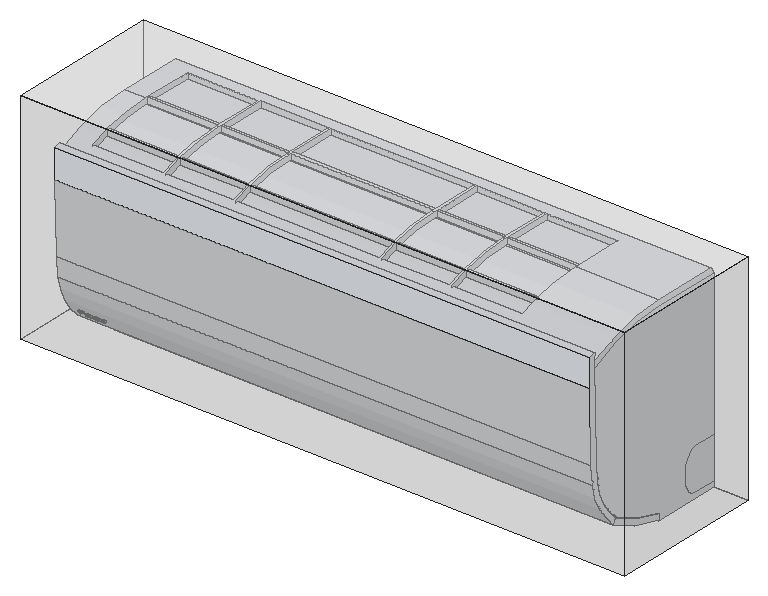
Revit family "outputfile", category 機械設備, Revit 2024
Family settings
  丸型コネクタ寸法 = 半径を使用
  パーツ タイプ = 標準
  OmniClass 番号 = 23.75.10.24.21.27.27
  OmniClass タイトル = Split System Air Conditioning Units
  作業面ベース = いいえ
  常に垂直 = はい
  ロード時にボイドで切り取り = いいえ
  注釈の向きを維持 = いいえ
  共有 = いいえ
  部屋計算ポイント = いいえ
Parameters (values of type "FTKQ25TVM")
  Description = ""
  書き出し IFC クラス(タイプ) = "IfcUnitaryEquipmentType"
  定義済み IFC タイプ(タイプ) = "AIRCONDITIONINGUNIT"
  Cost = 0
  Type Comments = ""
  Keynote = ""
  Type Image = (empty or 0)
  Assembly Code = ""
  w_wall hole = if(Width = 770.0 mm, 48.0 mm, 60.0 mm)  # 48.0 mm
  製造元 = "Daikin"
  モデル = "FTKQ25TVM"
  switch_frequency = yes
  r_Liquid Pipe Size = Liquid Pipe Size / 2  # 3.2 mm
  r_Gas Pipe Size = Gas Pipe Size / 2  # 4.75 mm
  r_Drain Pipe Size = Drain Pipe Size / 2  # 8.0 mm
  lw_powersupply [instance] = if(Width = 770.0 mm, if(or(Rear Right Connection_refrigerant, Bottom Right Connection_refrigerant), 25.0 mm, if(or(Rear Left Connection_refrigerant, Bottom Left Connection_refrigerant), 745.0 mm, 400.0 mm)), if(Width = 990.0 mm, if(or(Rear Right Connection_refrigerant, Bottom Right Connection_refrigerant), 40.0 mm, if(or(Rear Left Connection_refrigerant, Bottom Left Connection_refrigerant), 920.0 mm, 400.0 mm)), if(or(Rear Right Connection_refrigerant, Bottom Right Connection_refrigerant), 40.0 mm, if(or(Rear Left Connection_refrigerant, Bottom Left Connection_refrigerant), 920.0 mm, 400.0 mm))))  # 400.0 mm
  lw_liquidpipe [instance] = if(Width = 770.0 mm, if(or(Rear Right Connection_refrigerant, Bottom Right Connection_refrigerant), 0.0 mm, if(or(Rear Left Connection_refrigerant, Bottom Left Connection_refrigerant), 664.0 mm, 385.0 mm)), if(Width = 990.0 mm, if(or(Rear Right Connection_refrigerant, Bottom Right Connection_refrigerant), 0.0 mm, if(or(Rear Left Connection_refrigerant, Bottom Left Connection_refrigerant), 664.0 mm + (990.0 mm - 770.0 mm), 475.0 mm)), if(or(Rear Right Connection_refrigerant, Bottom Right Connection_refrigerant), 0.0 mm, if(or(Rear Left Connection_refrigerant, Bottom Left Connection_refrigerant), 664.0 mm + (990.0 mm - 770.0 mm), 475.0 mm))))  # 385.0 mm
  lw_gaspipe [instance] = if(Width = 770.0 mm, if(or(Rear Right Connection_refrigerant, Bottom Right Connection_refrigerant), 0.0 mm, if(or(Rear Left Connection_refrigerant, Bottom Left Connection_refrigerant), 675.0 mm, if(Gas Pipe Size = 12.7 mm, 345.0 mm, 335.0 mm))), if(Width = 990.0 mm, if(or(Rear Right Connection_refrigerant, Bottom Right Connection_refrigerant), 10.0 mm, if(or(Rear Left Connection_refrigerant, Bottom Left Connection_refrigerant), 890.0 mm, if(Gas Pipe Size = 15.9 mm, 410.0 mm, 400.0 mm))), if(or(Rear Right Connection_refrigerant, Bottom Right Connection_refrigerant), 10.0 mm, if(or(Rear Left Connection_refrigerant, Bottom Left Connection_refrigerant), 890.0 mm, if(Gas Pipe Size = 15.9 mm, 410.0 mm, 400.0 mm)))))  # 335.0 mm
  lw_drainpipe [instance] = if(Width = 770.0 mm, if(or(Rear Right Connection_refrigerant, Bottom Right Connection_refrigerant), 0.0 mm, if(or(Rear Left Connection_refrigerant, Bottom Left Connection_refrigerant), 770.0 mm - 48.0 mm - 48.0 mm, 440.0 mm)), if(Width = 990.0 mm, if(or(Rear Right Connection_refrigerant, Bottom Right Connection_refrigerant), 0.0 mm, if(or(Rear Left Connection_refrigerant, Bottom Left Connection_refrigerant), 675.0 mm + (990.0 mm - 770.0 mm), 435.0 mm)), if(or(Rear Right Connection_refrigerant, Bottom Right Connection_refrigerant), 0.0 mm, if(or(Rear Left Connection_refrigerant, Bottom Left Connection_refrigerant), 675.0 mm + (990.0 mm - 770.0 mm), 435.0 mm))))  # 440.0 mm
  l_powersupply_length [instance] = if(Width = 770.0 mm, if(Right Connection_refrigerant, 400.0 mm, if(Left Connection_refrigerant, 770.0 mm - 400.0 mm, if(or(Rear Left Connection_refrigerant, Rear Right Connection_refrigerant), 15.0 mm, 40.0 mm))), if(Width = 990.0 mm, if(Right Connection_refrigerant, 400.0 mm, if(Left Connection_refrigerant, 990.0 mm - 400.0 mm, if(or(Rear Left Connection_refrigerant, Rear Right Connection_refrigerant), 15.0 mm, 40.0 mm))), if(Right Connection_refrigerant, 400.0 mm, if(Left Connection_refrigerant, 990.0 mm - 400.0 mm, if(or(Rear Left Connection_refrigerant, Rear Right Connection_refrigerant), 15.0 mm, 40.0 mm)))))  # 400.0 mm
  l_liquidpipe_length [instance] = if(Width = 770.0 mm, if(Right Connection_refrigerant, 433.0 mm, if(Left Connection_refrigerant, 337.0 mm, if(or(Rear Left Connection_refrigerant, Rear Right Connection_refrigerant), 30.0 mm, 50.0 mm))), if(Width = 990.0 mm, if(Right Connection_refrigerant, 535.0 mm, if(Left Connection_refrigerant, 455.0 mm, if(or(Rear Left Connection_refrigerant, Rear Right Connection_refrigerant), 30.0 mm, 50.0 mm))), if(Right Connection_refrigerant, 535.0 mm, if(Left Connection_refrigerant, 455.0 mm, if(or(Rear Left Connection_refrigerant, Rear Right Connection_refrigerant), 30.0 mm, 50.0 mm)))))  # 433.0 mm
  l_gaspipe_length [instance] = if(Width = 770.0 mm, if(Right Connection_refrigerant, if(Gas Pipe Size = 12.7 mm, 393.0 mm, 383.0 mm), if(Left Connection_refrigerant, if(Gas Pipe Size = 12.7 mm, 770.0 mm - 393.0 mm, 770.0 mm - 383.0 mm), if(or(Rear Left Connection_refrigerant, Rear Right Connection_refrigerant), 40.0 mm, 40.0 mm))), if(Width = 990.0 mm, if(Right Connection_refrigerant, if(Gas Pipe Size = 15.9 mm, 470.0 mm, 460.0 mm), if(Left Connection_refrigerant, if(Gas Pipe Size = 15.9 mm, 990.0 mm - 470.0 mm, 990.0 mm - 460.0 mm), if(or(Rear Left Connection_refrigerant, Rear Right Connection_refrigerant), 40.0 mm, 40.0 mm))), if(Right Connection_refrigerant, if(Gas Pipe Size = 15.9 mm, 460.0 mm, 460.0 mm), if(Left Connection_refrigerant, if(Gas Pipe Size = 15.9 mm, 990.0 mm - 460.0 mm, 990.0 mm - 460.0 mm), if(or(Rear Left Connection_refrigerant, Rear Right Connection_refrigerant), 40.0 mm, 40.0 mm)))))  # 383.0 mm
  l_drainpipe_length [instance] = if(Width = 770.0 mm, if(Right Connection_refrigerant, 488.0 mm, if(Left Connection_refrigerant, 282.0 mm, if(or(Rear Left Connection_refrigerant, Rear Right Connection_refrigerant), 15.0 mm, 20.0 mm))), if(Width = 990.0 mm, if(Right Connection_refrigerant, 495.0 mm, if(Left Connection_refrigerant, 495.0 mm, if(or(Rear Left Connection_refrigerant, Rear Right Connection_refrigerant), 15.0 mm, 20.0 mm))), if(Right Connection_refrigerant, 495.0 mm, if(Left Connection_refrigerant, 495.0 mm, if(or(Rear Left Connection_refrigerant, Rear Right Connection_refrigerant), 15.0 mm, 20.0 mm)))))  # 488.0 mm
  h*** = 0.0 mm  # constant formula
  connector_voltage = Voltage_50Hz  # 230 V
  connector_powerinput = [Power Input (Cooling)]  # 0.810 kW
  connector_phase = Phase_50Hz  # 1
  angle_vertical [instance] = if(or(Bottom Left Connection_refrigerant, Bottom Right Connection_refrigerant), 0.00°, 90.00°)  # 90.00°
  angle_horizontal [instance] = if(Right Connection_refrigerant, 90.00°, if(Left Connection_refrigerant, -90.00°, if(or(Rear Left Connection_refrigerant, Rear Right Connection_refrigerant), 180.00°, 0.00°)))  # 90.00°
  Width = 770.0 mm
  Voltage_comment_60Hz = "220-230"
  Voltage_comment_50Hz = "220 - 240"
  Voltage_60Hz = 220 V
  Voltage_50Hz = 230 V
  Version = "ver.1.0"
  Unit Type = "Wall Mounted"
  Unit Mass Weight = 8.00 kg
  Unit Designation [instance] = ""
  Uniclass2015Version = "Products v1.30"
  Uniclass2015Title = "Split coil room air conditioning units"
  Uniclass2015Code = "Pr_70_65_03_86"
  URL = ""
  Total Cooling Capacity [instance] = 0.000 kW
  Sound Pressure Level_M speed (dBA) = 32
  Sound Pressure Level_L speed (dBA) = 27
  Sound Pressure Level_H speed (dBA) = 36
  Sound Power Level_H speed (dB) = 0
  Series = "Single Split_Fan Coil Unit"
  Sensible Cooling Capacity [instance] = 0.000 kW
  Refrigerant Type = "R32"
  Power Input (Cooling) = 0.810 kW
  Phase_60Hz = 1
  Phase_50Hz = 1
  Option Accessory 3 [instance] = ""
  Option Accessory 2 [instance] = ""
  Option Accessory 1 [instance] = ""
  Nominal Cooling Capacity = 2.650 kW
  Minimum Circuit Amps_60Hz = 0.0 A
  Minimum Circuit Amps_50Hz = 0.0 A
  Minimum Airflow = 390.00 m³/h
  Median Airflow = 474.00 m³/h
  Maximum Fuse Amps_60Hz = 0.0 A
  Maximum Fuse Amps_50Hz = 0.0 A
  Maximum Airflow = 564.00 m³/h
  Material_Casing = DAIKIN_ShinyWhite_Casing_indoorunit
  Load Classification = HVAC
  Liquid Pipe Size = 6.4 mm
  Link_Nested Family [instance] = ""
  IfcVersion = ""
  IfcExportType = "AIRCONDITIONINGUNIT"
  IfcExportAs = "IfcUnitaryEquipmentType"
  Height = 285.0 mm
  Heat Exchanger Type = "Cross Fin Coil"
  Gas Pipe Size = 9.5 mm
  Frequency_60Hz = 60 Hz
  Frequency_50Hz = 50 Hz
  Fan Type = "Cross Flow Fan"
  Fan Drive = "-"
  FCU Tag No. [instance] = ""
  Drain Pipe Size = 16.0 mm
  Design Supply Airflow [instance] = 0.00 m³/h
  Depth = 223.0 mm
  既定の高さ = 0.0 mm
  Cooling Entering Wet Bulb Temperature [instance] = 0.00 °C
  Cooling Entering Dry Bulb Temperature [instance] = 0.00 °C
  Cooling Ambient Wet Bulb Temperature [instance] = 0.00 °C
  Cooling Ambient Dry Bulb Temperature [instance] = 0.00 °C
  Clearance visibility [instance] = yes
  Clearance Top = 30.0 mm
  Clearance Right = 50.0 mm
  Clearance Rear = 0.0 mm
  Clearance Left = 50.0 mm
  Clearance Front = 0.0 mm
  Clearance Bottom = 0.0 mm
  Bottom Right Connection_refrigerant [instance] = no
  Bottom Left Connection_refrigerant [instance] = no
  Rear Right Connection_refrigerant [instance] = no
  Rear Left Connection_refrigerant [instance] = no
  Right Connection_refrigerant [instance] = yes
  Left Connection_refrigerant [instance] = no
Reference planes
  plane 1 "Back": y = 0
  plane 2: z = 0
  plane 3 "Center (Left/Right)": x = 0
  plane 4 "Center (Front/Back)": y = -111.5
  plane 5 "Front": y = -223
  plane 6 "Left": x = -385
  plane 7 "Right": x = 385
  plane 8 "Top": z = 0
  plane 9 "Bottom": z = -285
  plane 10: x = -435
  plane 11: x = 435
  plane 12: y = 0
  plane 13: y = -223
  plane 14: z = 30
  plane 15: z = -285
  plane 16 "lw_Piping and Wiring intake": x = 337
  plane 17 "lw_gaspipe": x = 2
  plane 18 "lw_liquidpipe": x = -48
  plane 19 "lw_drainpipe": x = -103
  plane 20 "lh_drainpipe": z = -265
  plane 21 "lh_liquidpipe": z = -235
  plane 22 "lh_gaspipe": z = -245
  plane 23 "ld_drainpipe": y = -15
  plane 24 "ld_liquidpipe": y = -30
  plane 25 "ld_gaspipe": y = -40
  plane 26 "lw_powersupply": x = -15
Dimensions and locks
  equal spacing: plane 6 "Left", plane 3 "Center (Left/Right)", plane 7 "Right"
  "Width": plane 6 "Left" to plane 7 "Right"
  equal spacing: plane 5 "Front", plane 4 "Center (Front/Back)", plane 1 "Back"
  "Depth": plane 5 "Front" to plane 1 "Back"
  "Height": plane 8 "Top" to plane 9 "Bottom"
  "Clearance Rear": plane 12 to plane 1 "Back"
  "Clearance Front": plane 13 to plane 5 "Front"
  "Clearance Top": plane 14 to plane 8 "Top"
  "Clearance Bottom": plane 9 "Bottom" to plane 15
  "w_wall hole": plane 16 "lw_Piping and Wiring intake" to plane 7 "Right"
  "lw_gaspipe": plane 17 "lw_gaspipe" to plane 16 "lw_Piping and Wiring intake"
  "lw_liquidpipe": plane 18 "lw_liquidpipe" to plane 16 "lw_Piping and Wiring intake"
  "lw_drainpipe": plane 19 "lw_drainpipe" to plane 16 "lw_Piping and Wiring intake"
  locked: plane 20 "lh_drainpipe" to plane 9 "Bottom" at 20
  locked: plane 21 "lh_liquidpipe" to plane 9 "Bottom" at 50
  locked: plane 22 "lh_gaspipe" to plane 9 "Bottom" at 40
  locked: plane 23 "ld_drainpipe" to plane 1 "Back" at 15
  locked: plane 1 "Back" to plane 24 "ld_liquidpipe" at 30
  locked: plane 1 "Back" to plane 25 "ld_gaspipe" at 40
  "lw_powersupply": plane 26 "lw_powersupply" to plane 7 "Right"
  "Clearance Left": plane 10 to plane 6 "Left"
  "Clearance Right": plane 7 "Right" to plane 11
  aligned and locked: level to plane 2
  aligned and locked: plane 12 to nested 1
  aligned and locked: nested 1 to plane 13
  aligned and locked: plane 10 to nested 1
  aligned and locked: plane 11 to nested 1
  aligned and locked: plane 15 to nested 1
  aligned and locked: plane 14 to nested 1
  aligned and locked: plane 17 "lw_gaspipe" to nested 2
  aligned and locked: nested 2 to plane 25 "ld_gaspipe"
  aligned and locked: plane 18 "lw_liquidpipe" to nested 3
  aligned and locked: nested 3 to plane 24 "ld_liquidpipe"
  aligned and locked: plane 19 "lw_drainpipe" to nested 4
  aligned and locked: nested 4 to plane 23 "ld_drainpipe"
  aligned and locked: nested 5 to plane 23 "ld_drainpipe"
  aligned and locked: plane 26 "lw_powersupply" to nested 5
  aligned and locked: level to plane 8 "Top"
  aligned and locked: plane 3 "Center (Left/Right)" to nested 6
  aligned and locked: plane 1 "Back" to nested 6
  aligned and locked: plane 8 "Top" to nested 6
Nested families
  nested 1: "daikin_clearancespace" at (0, -111.5, -127.381), show <- "Clearance visibility", visible <- "Clearance visibility", Link_Nested Family <- "Link_Nested Family", type "daikin_clearancespace"
    with width 870.0 mm, show yes, height 315.0 mm, depth 223.0 mm, Link_Nested Family ""
  nested 2: "daikin_connector_rotate3" at (2, -40, -245), angle_vertical <- "angle_vertical", angle_horizontal <- "angle_horizontal", length <- "l_gaspipe_length", radius <- "r_Gas Pipe Size", type "daikin_connector_rotate3"
    with show no, radius 4.75 mm, length 383.0 mm, angle_vertical 90.00°, angle_horizontal 90.00°
  nested 3: "daikin_connector_rotate3" at (-48, -30, -235), angle_vertical <- "angle_vertical", angle_horizontal <- "angle_horizontal", radius <- "r_Liquid Pipe Size", length <- "l_liquidpipe_length", type "daikin_connector_rotate3"
    with show no, radius 3.2 mm, length 433.0 mm, angle_vertical 90.00°, angle_horizontal 90.00°
  nested 4: "daikin_connector_rotate3" at (-103, -15, -265), angle_vertical <- "angle_vertical", angle_horizontal <- "angle_horizontal", length <- "l_drainpipe_length", radius <- "r_Drain Pipe Size", type "daikin_connector_rotate3"
    with show no, radius 8.0 mm, length 488.0 mm, angle_vertical 90.00°, angle_horizontal 90.00°
  nested 5: "daikin_connector_rotate3" at (-15, -15, -245), angle_vertical <- "angle_vertical", angle_horizontal <- "angle_horizontal", length <- "l_powersupply_length", type "daikin_connector_rotate3"
    with show no, radius 10.0 mm, length 400.0 mm, angle_vertical 90.00°, angle_horizontal 90.00°
  nested 6: "DAIKIN_indoorunit_FTKQ-TVM" at (-31, 0, 0), type "FTKQ-TVM"
    with Width=990 no, Width=770 yes, Width 770.0 mm, WALL HOLE-R 48.0 mm, WALL HOLE Size 65.0 mm, Height 285.0 mm
Connectors
  piping at (385, -40, -245), diameter 9.5, driven by "r_Gas Pipe Size"
    settings: on nested 2, index 1, connector inside diameter 609.6 mm, connector length 0.0 mm, flow factor 0, pipe flow 0.00 m³/h, pressure drop 0.0 Pa, fitting loss kfactor 0, connector angle 0.00°, fixture units 0, engagement length 0.0 mm, angle of deflection 0.00°, flow configuration 1, flow direction 2, fitting loss method 0, system type 29, joint type 0, gender type 0, connector reference index -1, connector utility 0, adjustable connector no, is connector primary yes, connector description "Refrigerant Gas Piping"
  piping at (385, -30, -235), diameter 6.4, driven by "r_Liquid Pipe Size"
    settings: on nested 3, index 2, connector inside diameter 609.6 mm, connector length 0.0 mm, flow factor 0, pipe flow 0.00 m³/h, pressure drop 0.0 Pa, fitting loss kfactor 0, connector angle 0.00°, fixture units 0, engagement length 0.0 mm, angle of deflection 0.00°, flow configuration 1, flow direction 1, fitting loss method 0, system type 29, joint type 0, gender type 0, connector reference index -1, connector utility 0, adjustable connector no, is connector primary no, connector description "Refrigerant Liquid Piping"
  piping at (385, -15, -265), diameter 16, driven by "r_Drain Pipe Size"
    settings: on nested 4, index 3, connector inside diameter 609.6 mm, connector length 0.0 mm, flow factor 0, pipe flow 0.00 m³/h, pressure drop 0.0 Pa, fitting loss kfactor 0, connector angle 0.00°, fixture units 0, engagement length 0.0 mm, angle of deflection 0.00°, flow configuration 1, flow direction 2, fitting loss method 4, system type 16, joint type 0, gender type 0, connector reference index -1, connector utility 0, adjustable connector no, is connector primary no, connector description "Condensate Drain Piping"
  electrical at (385, -15, -245), driven by "Load Classification", driven by "connector_voltage", driven by "connector_phase", driven by "connector_powerinput"
    settings: on nested 5, index 4, voltage 230 V, apparent load 810 VA, apparent load phase1 0 VA, apparent load phase2 0 VA, apparent load phase3 0 VA, power factor 1, load classification "HVAC", number of poles 1, system type 30, power factor state 1, is connector primary yes, connector utility no, sub classification motor no, connector description "Power Supply"
Definition of nested family "daikin_clearancespace"
  Parameters (values of type "daikin_clearancespace")
    Description = "daikin_clearancespace"
    width [instance] = 1823.963 mm
    show [instance] = yes
    material = none
    height [instance] = 1359.762 mm
    depth [instance] = 880.0 mm
    Default Elevation = 0.0 mm
    Link_Nested Family [instance] = ""
  Reference planes
    plane 1 "Center (Front/Back)": y = 0
    plane 2 "Center (Elevation)": z = -0.119
    plane 3 "Center (Left/Right)": x = 0
    plane 4: y = 440
    plane 5: y = -440
    plane 6 "Right": x = 911.982
    plane 7 "Left": x = -911.982
    plane 8 "Top": z = 679.762
    plane 9 "Bottom": z = -680
  Forms (mm)
    Extrusion 1, solid, material <- "material", visible <- "show"
      sketch origin (0, 0, 0) x (1, 0, 0) y (0, 1, 0)
        loop
          line (-911.982, 440) -> (-911.982, -440) -> (911.982, -440) -> (911.982, 440) -> (-911.982, 440)
      from -680 to 679.762
  Lines and regions (mm)
    symbolic lines, visible <- "show"
      curve 1: line (911.982, 440, 0) -> (-911.982, 440, 0)
      curve 2: line (-911.982, 440, 0) -> (-911.982, -440, 0)
      curve 3: line (-911.982, -440, 0) -> (911.982, -440, 0)
      curve 4: line (911.982, -440, 0) -> (911.982, 440, 0)
      curve 5: line (911.982, 0, 679.762) -> (-911.982, 0, 679.762)
      curve 6: line (911.982, 0, -680) -> (911.982, 0, 679.762)
      curve 7: line (-911.982, 0, -680) -> (911.982, 0, -680)
      curve 8: line (-911.982, 0, 679.762) -> (-911.982, 0, -680)
      curve 9: line (0, 440, 679.762) -> (0, -440, 679.762)
      curve 10: line (0, -440, 679.762) -> (0, -440, -680)
      curve 11: line (0, 440, -680) -> (0, 440, 679.762)
      curve 12: line (0, -440, -680) -> (0, 440, -680)
  Dimensions and locks
    "width": plane 7 "Left" to plane 6 "Right"
    "depth": plane 4 to plane 5
    "height": plane 8 "Top" to plane 9 "Bottom"
    equal spacing: plane 7 "Left", plane 3 "Center (Left/Right)", plane 6 "Right"
    equal spacing: plane 4, plane 1 "Center (Front/Back)", plane 5
    equal spacing: plane 8 "Top", plane 2 "Center (Elevation)", plane 9 "Bottom"
    aligned and locked: level to plane 2 "Center (Elevation)"
    aligned and locked: Extrusion 1 sketch curve to plane 4
    aligned and locked: plane 7 "Left" to Extrusion 1 sketch curve
    aligned and locked: Extrusion 1 sketch curve to plane 5
    aligned and locked: Extrusion 1 sketch curve to plane 6 "Right"
    aligned and locked: plane 8 "Top" to Extrusion 1
    aligned and locked: curve 1 to Extrusion 1
    aligned and locked: curve 2 to Extrusion 1
    aligned and locked: curve 3 to Extrusion 1
    aligned and locked: curve 4 to Extrusion 1
    aligned and locked: curve 5 to Extrusion 1
    aligned and locked: curve 6 to Extrusion 1
    aligned and locked: curve 7 to Extrusion 1
    aligned and locked: curve 8 to Extrusion 1
    aligned and locked: curve 9 to Extrusion 1
    aligned and locked: curve 10 to Extrusion 1
    aligned and locked: curve 11 to Extrusion 1
    aligned and locked: curve 12 to Extrusion 1
    aligned and locked: Extrusion 1 to plane 9 "Bottom"
Definition of nested family "DAIKIN_indoorunit_FTKQ-TVM"
  Parameters (values of type "FTKF-TVMA")
    Width=990 = Width = 990.0 mm  # yes
    Width=770 = Width = 770.0 mm  # no
    Width = 990.0 mm
    WALL HOLE-R = if(Width = 770.0 mm, 48.0 mm, 60.0 mm)  # 60.0 mm
    WALL HOLE Size = if(Width = 770.0 mm, 65.0 mm, 80.0 mm)  # 80.0 mm
    Material_Casing = none
    Height = if(Width = 770.0 mm, 285.0 mm, 295.0 mm)  # 295.0 mm
    Default Elevation = 0.0 mm
  Reference planes
    plane 1 "Center (Front/Back)": y = 0
    plane 2 "reference_level": z = 0
    plane 3 "Center (Left/Right)": x = 31
    plane 4: x = -464
    plane 5: x = 526
    plane 6: z = -295
  Forms (mm)
    Extrusion 1, solid, material <- "Material_Casing", visible <- "Width=770"
      sketch origin (29, 0, 0) x (0, 1, 0) y (0, 0, 1)
        loop
          line (-5, 0) -> (-98, 0)
          arc (-98, 0) -> (-157.611, -7.211) -> (-213.783, -28.427) r 250
          arc (-213.783, -28.427) -> (-213.842, -32.972) -> (-213.892, -37.516) r 2191
          arc (-213.892, -37.516) -> (-157.832, -15.495) -> (-98.07, -8) r 242
          line (-98.07, -8) -> (0, -8) -> (-5, 0)
      from -383 to 387
    Extrusion 2, solid, material <- "Material_Casing", visible <- "Width=770"
      sketch origin (416, 1296.25, 1200) x (0, 1, 0) y (0, 0, 1)
        loop
          line (-1472.998, -1446.91) -> (-1476.998, -1453.839)
          arc (-1476.998, -1453.839) -> (-1437.481, -1472.422) -> (-1395.25, -1483.538) r 240
          line (-1395.25, -1483.538) -> (-1395.25, -1475.422)
          arc (-1395.25, -1475.422) -> (-1435.407, -1464.663) -> (-1472.998, -1446.91) r 232
      from 0 to -47.5
    Extrusion 3, solid, material <- "Material_Casing", visible <- "Width=770"
      sketch origin (29, 0, 0) x (0, 1, 0) y (0, 0, 1)
        loop
          arc (-223, -60.455) -> (-222.414, -110.646) -> (-220.656, -160.81) r 2149.92
          arc (-220.656, -160.81) -> (-219.65, -174.299) -> (-217.853, -187.706) r 229.911
          arc (-217.853, -187.706) -> (-205.371, -223.594) -> (-181.517, -253.17) r 111
          line (-181.517, -253.17) -> (-177.429, -246.093)
          arc (-177.429, -246.093) -> (-198.77, -218.989) -> (-209.965, -186.36) r 103
          arc (-209.965, -186.36) -> (-211.681, -173.586) -> (-212.651, -160.735) r 221.844
          arc (-212.651, -160.735) -> (-214.739, -93.233) -> (-214.74, -25.699) r 2186.828
          arc (-214.74, -25.699) -> (-214.671, -21.467) -> (-214.594, -17.235) r 2192
          line (-214.594, -17.235) -> (-223, -19.961) -> (-223, -60.455)
      from -383 to 387
    Extrusion 4, solid, material <- "Material_Casing", visible <- "Width=770"
      sketch origin (29, 0, -20) x (0, 1, 0) y (0, 0, 1)
        loop
          line (0, -265) -> (0, 12) -> (-98.07, 12)
          arc (-98.07, 12) -> (-157.832, 4.505) -> (-213.892, -17.516) r 242
          arc (-213.892, -17.516) -> (-213.638, -79.114) -> (-211.653, -140.681) r 2191
          arc (-211.653, -140.681) -> (-210.685, -153.501) -> (-208.973, -166.243) r 221
          arc (-208.973, -166.243) -> (-197.471, -199.282) -> (-175.482, -226.491) r 102
          arc (-175.482, -226.491) -> (-138.004, -244.019) -> (-98, -254.579) r 231
          line (-98, -254.579) -> (-98, -265) -> (0, -265)
      from -383 to 387
    Extrusion 5, solid, material <- "Material_Casing", visible <- "Width=770"
      sketch origin (-354, 1296.25, 1200) x (0, 1, 0) y (0, 0, 1)
        loop
          line (-1472.998, -1446.91) -> (-1476.998, -1453.839)
          arc (-1476.998, -1453.839) -> (-1437.481, -1472.422) -> (-1395.25, -1483.538) r 240
          line (-1395.25, -1483.538) -> (-1395.25, -1475.422)
          arc (-1395.25, -1475.422) -> (-1435.407, -1464.663) -> (-1472.998, -1446.91) r 232
      from 47 to 0
    Extrusion 6, solid, material <- "Material_Casing", visible <- "Width=770"
      sketch origin (416, 1296.25, 1200) x (0, 1, 0) y (0, 0, 1)
        loop
          line (-1472.998, -1446.91) -> (-1476.998, -1453.839)
          arc (-1476.998, -1453.839) -> (-1443.437, -1470.168) -> (-1407.75, -1481.097) r 240
          line (-1407.75, -1481.097) -> (-1407.75, -1472.894)
          arc (-1407.75, -1472.894) -> (-1441.363, -1462.385) -> (-1472.998, -1446.91) r 232
      from -116.993 to -48.493
    Extrusion 7, solid, material <- "Material_Casing", visible <- "Width=770"
      sketch origin (416, 1296.25, 1200) x (0, 1, 0) y (0, 0, 1)
        loop
          line (-1472.998, -1446.91) -> (-1476.998, -1453.839)
          arc (-1476.998, -1453.839) -> (-1443.437, -1470.168) -> (-1407.75, -1481.097) r 240
          line (-1407.75, -1481.097) -> (-1407.75, -1472.894)
          arc (-1407.75, -1472.894) -> (-1441.363, -1462.385) -> (-1472.998, -1446.91) r 232
      from -717 to -121.993
    Extrusion 8, void
      sketch origin (31, 0, -235) x (1, 0, 0) y (0, 1, 0)
        loop
          line (-252.674, -22.316) -> (-354.941, -22.316) -> (-354.941, -91.341) -> (-252.674, -91.341) -> (-252.674, -22.316)
        loop
          line (-249.341, -91.341) -> (-151.574, -91.341) -> (-151.574, -22.316) -> (-249.341, -22.316) -> (-249.341, -91.341)
        loop
          line (58.309, -22.316) -> (-148.309, -22.316) -> (-148.309, -91.341) -> (58.309, -91.341) -> (58.309, -22.316)
        loop
          line (61.689, -22.316) -> (61.689, -91.341) -> (159.457, -91.341) -> (159.457, -22.316) -> (61.689, -22.316)
        loop
          line (162.789, -22.316) -> (162.789, -91.341) -> (265.057, -91.341) -> (265.057, -22.316) -> (162.789, -22.316)
        loop
          line (-354.941, -94.659) -> (-354.941, -165.259) -> (-252.674, -165.259) -> (-252.674, -94.659) -> (-354.941, -94.659)
        loop
          line (-249.341, -94.659) -> (-249.341, -165.259) -> (-151.574, -165.259) -> (-151.574, -94.659) -> (-249.341, -94.659)
        loop
          line (-148.309, -94.659) -> (-148.309, -165.259) -> (58.309, -165.259) -> (58.309, -94.659) -> (-148.309, -94.659)
        loop
          line (61.689, -94.659) -> (61.689, -165.259) -> (159.457, -165.259) -> (159.457, -94.659) -> (61.689, -94.659)
        loop
          line (162.789, -94.659) -> (162.789, -165.259) -> (265.057, -165.259) -> (265.057, -94.659) -> (162.789, -94.659)
        loop
          line (-354.941, -167.382) -> (-354.941, -192.681) -> (-252.674, -192.681) -> (-252.674, -167.382) -> (-354.941, -167.382)
        loop
          line (-249.341, -167.382) -> (-249.341, -192.681) -> (-151.574, -192.681) -> (-151.574, -167.382) -> (-249.341, -167.382)
        loop
          line (-148.309, -167.382) -> (-148.309, -192.681) -> (58.309, -192.681) -> (58.309, -167.382) -> (-148.309, -167.382)
        loop
          line (159.457, -167.382) -> (61.689, -167.382) -> (61.689, -192.681) -> (159.457, -192.681) -> (159.457, -167.382)
        loop
          line (265.057, -167.382) -> (162.789, -167.382) -> (162.789, -192.681) -> (265.057, -192.681) -> (265.057, -167.382)
      from 201.638 to 250
    Extrusion 9, solid, material <- "Material_Casing"
      sketch origin (31, 0, 0) x (1, 0, 0) y (0, 0, 1)
        loop
          circle (435, -250.5) r 40
        loop
          circle (-447, -250.5) r 40
      from 0 to 5
    Extrusion 10, solid, material <- "Material_Casing", visible <- "Width=770"
      sketch origin (416, 1296.25, 1200) x (0, -1, 0) y (0, 0, 1)
        loop
          line (1326.25, -1417) -> (1296.25, -1417) -> (1296.25, -1477) -> (1326.25, -1477)
          arc (1326.25, -1477) -> (1340.393, -1471.142) -> (1346.25, -1457) r 20
          line (1346.25, -1457) -> (1346.25, -1437)
          arc (1346.25, -1437) -> (1340.393, -1422.858) -> (1326.25, -1417) r 20
      from 0 to 5
    Extrusion 11, solid, material <- "Material_Casing", visible <- "Width=770"
      sketch origin (-354, 1296.25, 1200) x (0, 1, 0) y (0, 0, 1)
        loop
          line (-1296.25, -1417) -> (-1326.25, -1417)
          arc (-1326.25, -1417) -> (-1340.393, -1422.858) -> (-1346.25, -1437) r 20
          line (-1346.25, -1437) -> (-1346.25, -1457)
          arc (-1346.25, -1457) -> (-1340.393, -1471.142) -> (-1326.25, -1477) r 20
          line (-1326.25, -1477) -> (-1296.25, -1477) -> (-1296.25, -1417)
      from 0 to 5
    Extrusion 12, solid, material <- "Material_Casing", visible <- "Width=770"
      sketch origin (31, 0, -285) x (-1, 0, 0) y (0, -1, 0)
        loop
          line (-314, 0) -> (-314, 30)
          arc (-314, 30) -> (-319.858, 44.142) -> (-334, 50) r 20
          line (-334, 50) -> (-354, 50)
          arc (-354, 50) -> (-368.142, 44.142) -> (-374, 30) r 20
          line (-374, 30) -> (-374, 0) -> (-314, 0)
        loop
          line (374, 0) -> (374, 30)
          arc (374, 30) -> (368.142, 44.142) -> (354, 50) r 20
          line (354, 50) -> (334, 50)
          arc (334, 50) -> (319.858, 44.142) -> (314, 30) r 20
          line (314, 30) -> (314, 0) -> (374, 0)
      from 0 to 5
    Extrusion 13, solid, material <- "Material_Casing", visible <- "Width=990"
      sketch origin (31, 0, 0) x (0, 1, 0) y (0, 0, 1)
        loop
          line (-5, 0) -> (-138, 0)
          arc (-138, 0) -> (-197.611, -7.211) -> (-253.783, -28.427) r 250
          arc (-253.783, -28.427) -> (-253.838, -32.687) -> (-253.886, -36.946) r 2191
          arc (-253.886, -36.946) -> (-197.73, -15.346) -> (-138.014, -8) r 246.393
          line (-138.014, -8) -> (0, -8) -> (-5, 0)
      from -495 to 495
    Extrusion 14, solid, material <- "Material_Casing", visible <- "Width=990"
      sketch origin (418, 1296.25, 1200) x (0, 1, 0) y (0, 0, 1)
        loop
          arc (-1515.208, -1454.149) -> (-1506.856, -1460.599) -> (-1497.925, -1466.219) r 110
          arc (-1497.925, -1466.219) -> (-1445.718, -1487.493) -> (-1389.844, -1494.995) r 223
          line (-1389.844, -1494.995) -> (-1389.844, -1486.086) -> (-1404.386, -1486.086)
          arc (-1404.386, -1486.086) -> (-1449.542, -1477.46) -> (-1491.818, -1459.402) r 214.289
          arc (-1491.818, -1459.402) -> (-1501.056, -1453.541) -> (-1509.606, -1446.715) r 101
          line (-1509.606, -1446.715) -> (-1515.208, -1454.149)
      from 108 to 57.5
    Extrusion 15, solid, material <- "Material_Casing", visible <- "Width=990"
      sketch origin (31, 0, 0) x (0, 1, 0) y (0, 0, 1)
        loop
          line (-263, -19.962) -> (-263, -61.6)
          arc (-263, -61.6) -> (-262.414, -110.219) -> (-260.656, -158.81) r 2017.341
          arc (-260.656, -158.81) -> (-255.648, -191.935) -> (-244.041, -223.362) r 164.725
          arc (-244.041, -223.362) -> (-233.569, -239.793) -> (-219.717, -253.495) r 87.379
          line (-219.717, -253.495) -> (-214.706, -246.846)
          arc (-214.706, -246.846) -> (-229.564, -230.029) -> (-240.385, -210.371) r 102
          arc (-240.385, -210.371) -> (-249.049, -182.962) -> (-252.848, -154.467) r 165.789
          arc (-252.848, -154.467) -> (-254.771, -90.102) -> (-254.74, -25.708) r 2122.533
          arc (-254.74, -25.708) -> (-254.671, -21.469) -> (-254.594, -17.23) r 2192
          line (-254.594, -17.23) -> (-263, -19.962)
      from -495 to 495
    Extrusion 16, void
      sketch origin (33, 0, 0) x (1, 0, 0) y (0, 1, 0)
        loop
          line (-466.909, -22.316) -> (-466.909, -111.341) -> (-366.303, -111.341) -> (-366.303, -22.316) -> (-466.909, -22.316)
        loop
          line (-362.71, -22.316) -> (-362.71, -111.341) -> (-262.103, -111.341) -> (-262.103, -22.316) -> (-362.71, -22.316)
        loop
          line (-258.51, -22.316) -> (-258.51, -111.341) -> (-157.904, -111.341) -> (-157.904, -22.316) -> (-258.51, -22.316)
        loop
          line (-154.31, -22.316) -> (-154.31, -111.341) -> (-53.704, -111.341) -> (-53.704, -22.316) -> (-154.31, -22.316)
        loop
          line (-50.11, -22.316) -> (-50.11, -111.341) -> (50.496, -111.341) -> (50.496, -22.316) -> (-50.11, -22.316)
        loop
          line (54.089, -22.316) -> (54.089, -111.341) -> (154.696, -111.341) -> (154.696, -22.316) -> (54.089, -22.316)
        loop
          line (158.289, -22.316) -> (158.289, -111.341) -> (258.895, -111.341) -> (258.895, -22.316) -> (158.289, -22.316)
        loop
          line (262.489, -22.316) -> (262.489, -111.341) -> (363.095, -111.341) -> (363.095, -22.316) -> (262.489, -22.316)
        loop
          line (-466.909, -114.459) -> (-466.909, -185.059) -> (-366.303, -185.059) -> (-366.303, -114.459) -> (-466.909, -114.459)
        loop
          line (-362.71, -114.459) -> (-362.71, -185.059) -> (-262.103, -185.059) -> (-262.103, -114.459) -> (-362.71, -114.459)
        loop
          line (-258.51, -114.459) -> (-258.51, -185.059) -> (-157.904, -185.059) -> (-157.904, -114.459) -> (-258.51, -114.459)
        loop
          line (-154.31, -114.459) -> (-154.31, -185.059) -> (-53.704, -185.059) -> (-53.704, -114.459) -> (-154.31, -114.459)
        loop
          line (-50.11, -114.459) -> (-50.11, -185.059) -> (50.496, -185.059) -> (50.496, -114.459) -> (-50.11, -114.459)
        loop
          line (54.089, -114.459) -> (54.089, -185.059) -> (154.696, -185.059) -> (154.696, -114.459) -> (54.089, -114.459)
        loop
          line (158.289, -114.459) -> (158.289, -185.059) -> (258.895, -185.059) -> (258.895, -114.459) -> (158.289, -114.459)
        loop
          line (262.489, -114.459) -> (262.489, -185.059) -> (363.095, -185.059) -> (363.095, -114.459) -> (262.489, -114.459)
        loop
          line (-466.909, -187.382) -> (-466.909, -232.681) -> (-366.303, -232.681) -> (-366.303, -187.382) -> (-466.909, -187.382)
        loop
          line (-362.71, -187.382) -> (-362.71, -232.681) -> (-262.103, -232.681) -> (-262.103, -187.382) -> (-362.71, -187.382)
        loop
          line (-258.51, -187.382) -> (-258.51, -232.681) -> (-157.904, -232.681) -> (-157.904, -187.382) -> (-258.51, -187.382)
        loop
          line (-154.31, -187.382) -> (-154.31, -232.681) -> (-53.704, -232.681) -> (-53.704, -187.382) -> (-154.31, -187.382)
        loop
          line (-50.11, -187.382) -> (-50.11, -232.681) -> (50.496, -232.681) -> (50.496, -187.382) -> (-50.11, -187.382)
        loop
          line (54.089, -187.382) -> (54.089, -232.681) -> (154.696, -232.681) -> (154.696, -187.382) -> (54.089, -187.382)
        loop
          line (158.289, -187.382) -> (158.289, -232.681) -> (258.895, -232.681) -> (258.895, -187.382) -> (158.289, -187.382)
        loop
          line (262.489, -187.382) -> (262.489, -232.681) -> (363.095, -232.681) -> (363.095, -187.382) -> (262.489, -187.382)
      from -40.013 to 47.268
    Extrusion 17, solid, material <- "Material_Casing", visible <- "Width=990"
      sketch origin (-356, 1296.25, 1200) x (0, 1, 0) y (0, 0, -1)
        loop
          line (-1515.208, 1454.149) -> (-1509.606, 1446.715)
          arc (-1509.606, 1446.715) -> (-1501.056, 1453.541) -> (-1491.818, 1459.402) r 101
          arc (-1491.818, 1459.402) -> (-1449.542, 1477.46) -> (-1404.386, 1486.086) r 214.289
          line (-1404.386, 1486.086) -> (-1389.844, 1486.086) -> (-1389.844, 1494.995)
          arc (-1389.844, 1494.995) -> (-1445.718, 1487.493) -> (-1497.925, 1466.219) r 223
          arc (-1497.925, 1466.219) -> (-1506.856, 1460.599) -> (-1515.208, 1454.149) r 110
      from 108 to 61
    Extrusion 18, solid, material <- "Material_Casing", visible <- "Width=990"
      sketch origin (418, 1296.25, 1200) x (0, 1, 0) y (0, 0, 1)
        loop
          arc (-1515.208, -1454.149) -> (-1506.856, -1460.599) -> (-1497.925, -1466.219) r 110
          arc (-1497.925, -1466.219) -> (-1463.185, -1482.066) -> (-1426.25, -1491.755) r 223
          line (-1426.25, -1491.755) -> (-1426.25, -1483.166)
          arc (-1426.25, -1483.166) -> (-1460.008, -1473.969) -> (-1491.818, -1459.402) r 214.289
          arc (-1491.818, -1459.402) -> (-1501.056, -1453.541) -> (-1509.606, -1446.715) r 101
          line (-1509.606, -1446.715) -> (-1515.208, -1454.149)
      from 56.5 to -36.993
    Extrusion 19, solid, material <- "Material_Casing", visible <- "Width=990"
      sketch origin (418, 1296.25, 1200) x (0, 1, 0) y (0, 0, 1)
        loop
          arc (-1426.25, -1483.166) -> (-1443.442, -1479.224) -> (-1460.25, -1473.881) r 214.289
          line (-1460.25, -1473.881) -> (-1460.25, -1483.089)
          arc (-1460.25, -1483.089) -> (-1443.421, -1488.091) -> (-1426.25, -1491.755) r 223
          line (-1426.25, -1491.755) -> (-1426.25, -1483.166)
      from -43.493 to -828.893
    Extrusion 20, solid, material <- "Material_Casing", visible <- "Width=990"
      sketch origin (418, 1296.25, 1200) x (0, 1, 0) y (0, 0, 1)
        loop
          arc (-1515.208, -1454.149) -> (-1506.856, -1460.599) -> (-1497.925, -1466.219) r 110
          arc (-1497.925, -1466.219) -> (-1479.479, -1475.527) -> (-1460.25, -1483.089) r 223
          line (-1460.25, -1483.089) -> (-1460.25, -1473.881)
          arc (-1460.25, -1473.881) -> (-1476.328, -1467.282) -> (-1491.818, -1459.402) r 214.289
          arc (-1491.818, -1459.402) -> (-1501.056, -1453.541) -> (-1509.606, -1446.715) r 101
          line (-1509.606, -1446.715) -> (-1515.208, -1454.149)
      from -43.493 to -828.893
    Extrusion 21, solid, material <- "Material_Casing", visible <- "Width=990"
      sketch origin (31, 0, -30) x (0, 1, 0) y (0, 0, 1)
        loop
          line (0, 22) -> (-138.014, 22)
          arc (-138.014, 22) -> (-197.73, 14.654) -> (-253.886, -6.946) r 246.393
          arc (-253.886, -6.946) -> (-253.682, -65.635) -> (-251.855, -124.295) r 2120.935
          arc (-251.855, -124.295) -> (-248.086, -152.682) -> (-239.461, -179.988) r 164.789
          arc (-239.461, -179.988) -> (-228.903, -199.231) -> (-214.437, -215.738) r 101
          line (-214.437, -215.738) -> (-212.406, -216.221)
          arc (-212.406, -216.221) -> (-204.07, -222.837) -> (-195.079, -228.53) r 100
          arc (-195.079, -228.53) -> (-145.557, -248.629) -> (-92.593, -255.785) r 213.289
          line (-92.593, -255.785) -> (-92.593, -265) -> (0, -265) -> (0, 22)
      from -495 to 495
    Extrusion 22, solid, material <- "Material_Casing", visible <- "Width=990"
      sketch origin (526, 1296.25, 1200) x (0, -1, 0) y (0, 0, 1)
        loop
          line (1326.25, -1427.035) -> (1296.25, -1427.035) -> (1296.25, -1487.035) -> (1326.25, -1487.035)
          arc (1326.25, -1487.035) -> (1340.393, -1481.177) -> (1346.25, -1467.035) r 20
          line (1346.25, -1467.035) -> (1346.25, -1447.035)
          arc (1346.25, -1447.035) -> (1340.393, -1432.892) -> (1326.25, -1427.035) r 20
      from 0 to 5
    Extrusion 23, solid, material <- "Material_Casing", visible <- "Width=990"
      sketch origin (-459, 1296.25, 1200) x (0, -1, 0) y (0, 0, 1)
        loop
          line (1326.25, -1427.035) -> (1296.25, -1427.035) -> (1296.25, -1487.035) -> (1326.25, -1487.035)
          arc (1326.25, -1487.035) -> (1340.393, -1481.177) -> (1346.25, -1467.035) r 20
          line (1346.25, -1467.035) -> (1346.25, -1447.035)
          arc (1346.25, -1447.035) -> (1340.393, -1432.892) -> (1326.25, -1427.035) r 20
      from 0 to 5
    Extrusion 24, solid, material <- "Material_Casing", visible <- "Width=990"
      sketch origin (31, 200, -295) x (-1, 0, 0) y (0, -1, 0)
        loop
          line (469, 200) -> (469, 230)
          arc (469, 230) -> (463.142, 244.142) -> (449, 250) r 20
          line (449, 250) -> (429, 250)
          arc (429, 250) -> (414.858, 244.142) -> (409, 230) r 20
          line (409, 230) -> (409, 200) -> (469, 200)
        loop
          line (-469, 200) -> (-409, 200) -> (-409, 230)
          arc (-409, 230) -> (-414.858, 244.142) -> (-429, 250) r 20
          line (-429, 250) -> (-449, 250)
          arc (-449, 250) -> (-463.142, 244.142) -> (-469, 230) r 20
          line (-469, 230) -> (-469, 200)
      from 0 to 5
  Cuts and joins
    Extrusion 8 cuts Extrusion 1
    Extrusion 16 cuts Extrusion 13
  Lines and regions (mm)
    reference lines
      curve 1: line (-523, -201.911, -229.404) -> (-523, -193.542, -239.977)
      curve 2: line (-523, -240.779, -229.404) -> (-523, -232.411, -239.977)
  Dimensions and locks
    locked: Extrusion 10 sketch curve to Extrusion 10 sketch curve at 60
    locked: Extrusion 10 sketch curve to Extrusion 10 sketch curve at 50
    locked: Extrusion 12 sketch curve to Extrusion 12 sketch curve at 60  (x2)
    locked: Extrusion 12 sketch curve to Extrusion 12 sketch curve at 50
    equal spacing: plane 5, plane 3 "Center (Left/Right)", plane 4
    "Width": plane 5 to plane 4
    locked: Extrusion 9 sketch curve to plane 4 at 48
    "WALL HOLE-R": plane 5 to Extrusion 9 sketch curve
    "Height": plane 2 "reference_level" to plane 6
    locked: Extrusion 9 sketch curve to plane 6 at 44.5  (x2)
    locked: Extrusion 15 to nested 2 at 15
    locked: Extrusion 22 sketch curve to Extrusion 22 sketch curve at 60
    locked: Extrusion 22 sketch curve to Extrusion 22 sketch curve at 50
    locked: Extrusion 23 sketch curve to Extrusion 23 sketch curve at 60
    locked: Extrusion 23 sketch curve to Extrusion 23 sketch curve at 50
    locked: Extrusion 24 sketch curve to Extrusion 24 sketch curve at 60  (x2)
    locked: Extrusion 24 sketch curve to Extrusion 24 sketch curve at 50  (x2)
    "WALL HOLE Size": diameter of Extrusion 9 sketch curve  (x2)
    aligned and locked: level to plane 2 "reference_level"
    aligned and locked: nested 1 to curve 1
    aligned and locked: Extrusion 11 sketch curve to Extrusion 10  (x4)
    aligned and locked: Extrusion 12 sketch curve to Extrusion 12 sketch curve  (x2)
    aligned and locked: Extrusion 9 to plane 1 "Center (Front/Back)"
    aligned and locked: nested 2 to curve 2
  Automatic sketch dimensions
    curve 1 to level = 239.977 mm
    plane 1 "Center (Front/Back)" to curve 1 = 193.542 mm
    curve 2 to curve 1 = 0.0 mm
    curve 2 to curve 2 = 10.573 mm
    curve 1 to curve 1 = 10.573 mm
    curve 1 to curve 1 = 8.368 mm
    curve 1 to curve 2 = 30.5 mm
    curve 2 to curve 2 = 8.368 mm
    Extrusion 1 sketch curve to level = 0.0 mm
    Extrusion 1 sketch curve to plane 1 "Center (Front/Back)" = 0.0 mm
    plane 1 "Center (Front/Back)" to Extrusion 1 sketch curve = 5.0 mm
    plane 1 "Center (Front/Back)" to Extrusion 1 sketch curve = 98.0 mm
    Extrusion 1 sketch curve to Extrusion 1 sketch curve = 0.07 mm
    Extrusion 1 sketch curve to level = 59.292 mm
    Extrusion 1 sketch curve to plane 1 "Center (Front/Back)" = 1977.0 mm
    Extrusion 1 sketch curve to level = 250.0 mm
    Extrusion 1 sketch curve to Extrusion 1 sketch curve = 0.0 mm
    Extrusion 1 sketch curve to level = 8.0 mm
    Extrusion 1 sketch curve to level = 28.427 mm
    plane 1 "Center (Front/Back)" to Extrusion 2 sketch curve = 180.748 mm
    Extrusion 2 sketch curve to Extrusion 2 sketch curve = 4.0 mm
    Extrusion 2 sketch curve to Extrusion 2 sketch curve = 77.747 mm
    plane 1 "Center (Front/Back)" to Extrusion 2 sketch curve = 59.279 mm
    Extrusion 2 sketch curve to Extrusion 2 sketch curve = 0.0 mm
    Extrusion 2 sketch curve to level = 283.538 mm
    Extrusion 2 sketch curve to Extrusion 2 sketch curve = 8.116 mm
    Extrusion 2 sketch curve to Extrusion 2 sketch curve = 21.583 mm
    Extrusion 2 sketch curve to Extrusion 2 sketch curve = 6.929 mm
    Extrusion 3 sketch curve to level = 19.961 mm
    plane 1 "Center (Front/Back)" to Extrusion 3 sketch curve = 223.0 mm
    Extrusion 3 sketch curve to level = 17.235 mm
    Extrusion 3 sketch curve to Extrusion 3 sketch curve = 8.406 mm
    plane 1 "Center (Front/Back)" to Extrusion 3 sketch curve = 181.517 mm
    Extrusion 3 sketch curve to Extrusion 3 sketch curve = 4.087 mm
    Extrusion 3 sketch curve to Extrusion 3 sketch curve = 69.11 mm
    Extrusion 3 sketch curve to Extrusion 3 sketch curve = 0.001 mm
    Extrusion 3 sketch curve to plane 1 "Center (Front/Back)" = 8.955 mm
    Extrusion 3 sketch curve to Extrusion 3 sketch curve = 0.067 mm
    Extrusion 3 sketch curve to level = 60.455 mm
    Extrusion 3 sketch curve to Extrusion 3 sketch curve = 1917.898 mm
    Extrusion 3 sketch curve to Extrusion 3 sketch curve = 44.907 mm
    Extrusion 3 sketch curve to Extrusion 3 sketch curve = 5.172 mm
    Extrusion 3 sketch curve to level = 150.456 mm
    Extrusion 3 sketch curve to Extrusion 3 sketch curve = 0.006 mm
    Extrusion 3 sketch curve to Extrusion 3 sketch curve = 19.265 mm
    Extrusion 3 sketch curve to Extrusion 3 sketch curve = 0.004 mm
    Extrusion 3 sketch curve to Extrusion 3 sketch curve = 76.368 mm
    Extrusion 3 sketch curve to Extrusion 3 sketch curve = 7.077 mm
    Extrusion 3 sketch curve to Extrusion 3 sketch curve = 1.002 mm
    Extrusion 3 sketch curve to Extrusion 3 sketch curve = 0.046 mm
    Extrusion 3 sketch curve to Extrusion 3 sketch curve = 8.005 mm
    Extrusion 3 sketch curve to Extrusion 3 sketch curve = 0.147 mm
    Extrusion 3 sketch curve to Extrusion 3 sketch curve = 0.0 mm
    Extrusion 4 sketch curve to plane 1 "Center (Front/Back)" = 0.0 mm
    plane 1 "Center (Front/Back)" to Extrusion 4 sketch curve = 59.278 mm
    Extrusion 4 sketch curve to Extrusion 4 sketch curve = 98.0 mm
    Extrusion 4 sketch curve to Extrusion 4 sketch curve = 0.0 mm  (x3)
    Extrusion 4 sketch curve to level = 8.0 mm
    Extrusion 4 sketch curve to Extrusion 4 sketch curve = 38.791 mm
    Extrusion 4 sketch curve to Extrusion 4 sketch curve = 10.249 mm
    Extrusion 4 sketch curve to plane 1 "Center (Front/Back)" = 9.11 mm
    Extrusion 4 sketch curve to level = 59.292 mm
    Extrusion 4 sketch curve to Extrusion 4 sketch curve = 1967.89 mm
    Extrusion 4 sketch curve to Extrusion 4 sketch curve = 142.454 mm
    Extrusion 4 sketch curve to Extrusion 4 sketch curve = 19.271 mm
    Extrusion 4 sketch curve to Extrusion 4 sketch curve = 80.275 mm
    Extrusion 4 sketch curve to Extrusion 4 sketch curve = 24.579 mm
    Extrusion 4 sketch curve to Extrusion 4 sketch curve = 10.421 mm
    Extrusion 4 sketch curve to level = 46.847 mm
    Extrusion 4 sketch curve to Extrusion 4 sketch curve = 77.412 mm
    Extrusion 4 sketch curve to Extrusion 4 sketch curve = 33.49 mm
    Extrusion 4 sketch curve to Extrusion 4 sketch curve = 2.68 mm
    plane 1 "Center (Front/Back)" to Extrusion 5 sketch curve = 180.748 mm
    Extrusion 5 sketch curve to Extrusion 5 sketch curve = 4.0 mm
    Extrusion 5 sketch curve to Extrusion 5 sketch curve = 77.747 mm
    plane 1 "Center (Front/Back)" to Extrusion 5 sketch curve = 59.279 mm
    Extrusion 5 sketch curve to Extrusion 5 sketch curve = 0.0 mm
    Extrusion 5 sketch curve to level = 283.538 mm
    Extrusion 5 sketch curve to Extrusion 5 sketch curve = 8.116 mm
    Extrusion 5 sketch curve to Extrusion 5 sketch curve = 21.583 mm
    Extrusion 5 sketch curve to Extrusion 5 sketch curve = 6.929 mm
    plane 1 "Center (Front/Back)" to Extrusion 6 sketch curve = 180.748 mm
    Extrusion 6 sketch curve to Extrusion 6 sketch curve = 4.0 mm
    Extrusion 6 sketch curve to Extrusion 6 sketch curve = 65.247 mm
    plane 1 "Center (Front/Back)" to Extrusion 6 sketch curve = 59.279 mm
    Extrusion 6 sketch curve to Extrusion 6 sketch curve = 0.0 mm
    Extrusion 6 sketch curve to level = 281.097 mm
    Extrusion 6 sketch curve to Extrusion 6 sketch curve = 8.203 mm
    Extrusion 6 sketch curve to Extrusion 6 sketch curve = 19.055 mm
    Extrusion 6 sketch curve to Extrusion 6 sketch curve = 6.929 mm
    plane 1 "Center (Front/Back)" to Extrusion 7 sketch curve = 180.748 mm
    Extrusion 7 sketch curve to Extrusion 7 sketch curve = 4.0 mm
    Extrusion 7 sketch curve to Extrusion 7 sketch curve = 65.247 mm
    plane 1 "Center (Front/Back)" to Extrusion 7 sketch curve = 59.279 mm
    Extrusion 7 sketch curve to Extrusion 7 sketch curve = 0.0 mm
    Extrusion 7 sketch curve to level = 281.097 mm
    Extrusion 7 sketch curve to Extrusion 7 sketch curve = 8.203 mm
    Extrusion 7 sketch curve to Extrusion 7 sketch curve = 19.055 mm
    Extrusion 7 sketch curve to Extrusion 7 sketch curve = 6.929 mm
    plane 1 "Center (Front/Back)" to Extrusion 8 sketch curve = 165.259 mm  (x2)
    Extrusion 8 sketch curve to plane 3 "Center (Left/Right)" = 354.941 mm
    plane 1 "Center (Front/Back)" to Extrusion 8 sketch curve = 22.316 mm  (x3)
    Extrusion 8 sketch curve to Extrusion 8 sketch curve = 0.0 mm  (x26)
    Extrusion 8 sketch curve to Extrusion 8 sketch curve = 102.268 mm  (x2)
    Extrusion 8 sketch curve to Extrusion 8 sketch curve = 3.332 mm  (x4)
    Extrusion 8 sketch curve to Extrusion 8 sketch curve = 97.768 mm  (x2)
    Extrusion 8 sketch curve to Extrusion 8 sketch curve = 3.264 mm  (x3)
    plane 3 "Center (Left/Right)" to Extrusion 8 sketch curve = 58.309 mm
    Extrusion 8 sketch curve to Extrusion 8 sketch curve = 3.38 mm  (x3)
    Extrusion 8 sketch curve to Extrusion 8 sketch curve = 2.124 mm  (x6)
    Extrusion 8 sketch curve to Extrusion 8 sketch curve = 25.299 mm  (x2)
    Extrusion 8 sketch curve to Extrusion 8 sketch curve = 70.6 mm
    Extrusion 8 sketch curve to Extrusion 8 sketch curve = 3.317 mm  (x4)
    Extrusion 10 sketch curve to plane 1 "Center (Front/Back)" = 0.0 mm
    Extrusion 10 sketch curve to Extrusion 10 sketch curve = 20.0 mm  (x2)
    Extrusion 10 sketch curve to level = 277.0 mm
    plane 1 "Center (Front/Back)" to Extrusion 12 sketch curve = 0.0 mm
    plane 3 "Center (Left/Right)" to Extrusion 12 sketch curve = 374.0 mm
    Extrusion 12 sketch curve to Extrusion 12 sketch curve = 20.0 mm  (x3)
    plane 1 "Center (Front/Back)" to Extrusion 12 sketch curve = 30.0 mm
    Extrusion 12 sketch curve to plane 3 "Center (Left/Right)" = 314.0 mm
    Extrusion 13 sketch curve to level = 0.0 mm
    Extrusion 13 sketch curve to plane 1 "Center (Front/Back)" = 0.0 mm
    plane 1 "Center (Front/Back)" to Extrusion 13 sketch curve = 5.0 mm
    Extrusion 13 sketch curve to Extrusion 13 sketch curve = 133.0 mm
    Extrusion 13 sketch curve to Extrusion 13 sketch curve = 0.013 mm
    Extrusion 13 sketch curve to level = 59.292 mm
    Extrusion 13 sketch curve to plane 1 "Center (Front/Back)" = 1937.0 mm
    Extrusion 13 sketch curve to Extrusion 13 sketch curve = 250.0 mm
    Extrusion 13 sketch curve to Extrusion 13 sketch curve = 4.393 mm
    Extrusion 13 sketch curve to level = 8.0 mm
    Extrusion 13 sketch curve to level = 28.427 mm
    plane 1 "Center (Front/Back)" to Extrusion 14 sketch curve = 218.957 mm
    Extrusion 14 sketch curve to Extrusion 14 sketch curve = 5.601 mm
    Extrusion 14 sketch curve to Extrusion 14 sketch curve = 65.735 mm
    Extrusion 14 sketch curve to Extrusion 14 sketch curve = 1.462 mm
    plane 1 "Center (Front/Back)" to Extrusion 14 sketch curve = 108.136 mm
    Extrusion 14 sketch curve to Extrusion 14 sketch curve = 14.543 mm
    plane 1 "Center (Front/Back)" to Extrusion 14 sketch curve = 92.093 mm
    Extrusion 14 sketch curve to Extrusion 14 sketch curve = 1.354 mm
    Extrusion 14 sketch curve to level = 294.995 mm
    Extrusion 14 sketch curve to Extrusion 14 sketch curve = 8.909 mm
    Extrusion 14 sketch curve to Extrusion 14 sketch curve = 31.937 mm
    Extrusion 14 sketch curve to Extrusion 14 sketch curve = 7.433 mm
    Extrusion 14 sketch curve to Extrusion 14 sketch curve = 75.403 mm
    Extrusion 14 sketch curve to Extrusion 14 sketch curve = 0.896 mm
    Extrusion 14 sketch curve to level = 72.504 mm
    Extrusion 14 sketch curve to Extrusion 14 sketch curve = 0.504 mm
    Extrusion 15 sketch curve to level = 19.962 mm
    plane 1 "Center (Front/Back)" to Extrusion 15 sketch curve = 263.0 mm
    Extrusion 15 sketch curve to level = 17.23 mm
    Extrusion 15 sketch curve to Extrusion 15 sketch curve = 8.406 mm
    Extrusion 15 sketch curve to Extrusion 15 sketch curve = 43.283 mm
    Extrusion 15 sketch curve to Extrusion 15 sketch curve = 5.011 mm
    Extrusion 15 sketch curve to Extrusion 15 sketch curve = 49.129 mm
    Extrusion 15 sketch curve to Extrusion 15 sketch curve = 19.417 mm
    Extrusion 15 sketch curve to Extrusion 15 sketch curve = 50.037 mm
    Extrusion 15 sketch curve to Extrusion 15 sketch curve = 8.89 mm
    Extrusion 15 sketch curve to level = 61.6 mm
    Extrusion 15 sketch curve to plane 1 "Center (Front/Back)" = 1754.341 mm
    Extrusion 15 sketch curve to level = 58.909 mm
    Extrusion 15 sketch curve to Extrusion 15 sketch curve = 113.192 mm
    Extrusion 15 sketch curve to Extrusion 15 sketch curve = 69.467 mm
    Extrusion 15 sketch curve to level = 146.886 mm
    Extrusion 15 sketch curve to Extrusion 15 sketch curve = 3.987 mm
    Extrusion 15 sketch curve to Extrusion 15 sketch curve = 20.44 mm
    Extrusion 15 sketch curve to Extrusion 15 sketch curve = 13.597 mm
    Extrusion 15 sketch curve to Extrusion 15 sketch curve = 61.936 mm
    Extrusion 15 sketch curve to Extrusion 15 sketch curve = 6.649 mm
    Extrusion 15 sketch curve to level = 59.438 mm
    Extrusion 15 sketch curve to Extrusion 15 sketch curve = 0.0 mm
    Extrusion 15 sketch curve to Extrusion 15 sketch curve = 0.147 mm
    Extrusion 15 sketch curve to Extrusion 15 sketch curve = 7.808 mm
    plane 1 "Center (Front/Back)" to Extrusion 16 sketch curve = 22.316 mm  (x6)
    Extrusion 16 sketch curve to plane 3 "Center (Left/Right)" = 464.909 mm
    Extrusion 16 sketch curve to Extrusion 16 sketch curve = 0.0 mm  (x27)
    Extrusion 16 sketch curve to Extrusion 16 sketch curve = 100.606 mm  (x7)
    Extrusion 16 sketch curve to Extrusion 16 sketch curve = 3.594 mm  (x16)
    Extrusion 16 sketch curve to plane 3 "Center (Left/Right)" = 51.704 mm
    plane 3 "Center (Left/Right)" to Extrusion 16 sketch curve = 52.496 mm  (x2)
    Extrusion 16 sketch curve to Extrusion 16 sketch curve = 89.026 mm  (x6)
    Extrusion 16 sketch curve to Extrusion 16 sketch curve = 3.117 mm  (x8)
    Extrusion 16 sketch curve to Extrusion 16 sketch curve = 70.6 mm  (x7)
    Extrusion 16 sketch curve to Extrusion 16 sketch curve = 2.324 mm  (x8)
    Extrusion 16 sketch curve to Extrusion 16 sketch curve = 45.299 mm  (x7)
    plane 1 "Center (Front/Back)" to Extrusion 17 sketch curve = 218.957 mm
    Extrusion 17 sketch curve to Extrusion 17 sketch curve = 5.601 mm
    Extrusion 17 sketch curve to Extrusion 17 sketch curve = 65.735 mm
    Extrusion 17 sketch curve to Extrusion 17 sketch curve = 1.462 mm
    plane 1 "Center (Front/Back)" to Extrusion 17 sketch curve = 108.136 mm
    Extrusion 17 sketch curve to Extrusion 17 sketch curve = 14.543 mm
    plane 1 "Center (Front/Back)" to Extrusion 17 sketch curve = 92.093 mm
    Extrusion 17 sketch curve to Extrusion 17 sketch curve = 1.354 mm
    Extrusion 17 sketch curve to level = 72.0 mm
    Extrusion 17 sketch curve to Extrusion 17 sketch curve = 0.504 mm
    Extrusion 17 sketch curve to Extrusion 17 sketch curve = 98.416 mm
    Extrusion 17 sketch curve to Extrusion 17 sketch curve = 0.896 mm
    Extrusion 17 sketch curve to Extrusion 17 sketch curve = 76.3 mm
    Extrusion 17 sketch curve to Extrusion 17 sketch curve = 7.433 mm
    Extrusion 17 sketch curve to Extrusion 17 sketch curve = 26.684 mm
    Extrusion 17 sketch curve to Extrusion 17 sketch curve = 8.909 mm
    plane 1 "Center (Front/Back)" to Extrusion 18 sketch curve = 218.957 mm
    Extrusion 18 sketch curve to Extrusion 18 sketch curve = 5.601 mm
    Extrusion 18 sketch curve to Extrusion 18 sketch curve = 65.735 mm
    Extrusion 18 sketch curve to Extrusion 18 sketch curve = 1.462 mm
    Extrusion 18 sketch curve to Extrusion 18 sketch curve = 83.356 mm
    plane 1 "Center (Front/Back)" to Extrusion 18 sketch curve = 92.093 mm
    Extrusion 18 sketch curve to Extrusion 18 sketch curve = 1.354 mm
    Extrusion 18 sketch curve to level = 291.755 mm
    Extrusion 18 sketch curve to Extrusion 18 sketch curve = 8.588 mm
    Extrusion 18 sketch curve to Extrusion 18 sketch curve = 29.018 mm
    Extrusion 18 sketch curve to Extrusion 18 sketch curve = 7.433 mm
    Extrusion 18 sketch curve to Extrusion 18 sketch curve = 75.403 mm
    Extrusion 18 sketch curve to Extrusion 18 sketch curve = 0.896 mm
    Extrusion 18 sketch curve to level = 72.504 mm
    Extrusion 18 sketch curve to Extrusion 18 sketch curve = 0.504 mm
    plane 1 "Center (Front/Back)" to Extrusion 19 sketch curve = 164.0 mm
    Extrusion 19 sketch curve to Extrusion 19 sketch curve = 34.0 mm
    plane 1 "Center (Front/Back)" to Extrusion 19 sketch curve = 92.093 mm
    Extrusion 19 sketch curve to Extrusion 19 sketch curve = 1.354 mm
    Extrusion 19 sketch curve to level = 291.755 mm
    Extrusion 19 sketch curve to Extrusion 19 sketch curve = 8.588 mm
    Extrusion 19 sketch curve to Extrusion 19 sketch curve = 0.077 mm
    Extrusion 19 sketch curve to Extrusion 19 sketch curve = 9.207 mm
    plane 1 "Center (Front/Back)" to Extrusion 20 sketch curve = 218.957 mm
    Extrusion 20 sketch curve to Extrusion 20 sketch curve = 5.601 mm
    Extrusion 20 sketch curve to Extrusion 20 sketch curve = 49.356 mm
    Extrusion 20 sketch curve to Extrusion 20 sketch curve = 65.735 mm
    Extrusion 20 sketch curve to Extrusion 20 sketch curve = 1.462 mm
    plane 1 "Center (Front/Back)" to Extrusion 20 sketch curve = 92.093 mm
    Extrusion 20 sketch curve to Extrusion 20 sketch curve = 1.354 mm
    Extrusion 20 sketch curve to level = 283.089 mm
    Extrusion 20 sketch curve to Extrusion 20 sketch curve = 9.207 mm
    Extrusion 20 sketch curve to Extrusion 20 sketch curve = 19.733 mm
    Extrusion 20 sketch curve to Extrusion 20 sketch curve = 7.433 mm
    Extrusion 20 sketch curve to Extrusion 20 sketch curve = 75.403 mm
    Extrusion 20 sketch curve to Extrusion 20 sketch curve = 0.896 mm
    Extrusion 20 sketch curve to level = 72.504 mm
    Extrusion 20 sketch curve to Extrusion 20 sketch curve = 0.504 mm
    Extrusion 21 sketch curve to Extrusion 21 sketch curve = 0.0 mm  (x4)
    Extrusion 21 sketch curve to plane 1 "Center (Front/Back)" = 0.0 mm
    plane 1 "Center (Front/Back)" to Extrusion 21 sketch curve = 87.233 mm
    Extrusion 21 sketch curve to Extrusion 21 sketch curve = 3.506 mm
    Extrusion 21 sketch curve to Extrusion 21 sketch curve = 92.593 mm
    Extrusion 21 sketch curve to Extrusion 21 sketch curve = 45.42 mm
    Extrusion 21 sketch curve to Extrusion 21 sketch curve = 58.927 mm
    Extrusion 21 sketch curve to Extrusion 21 sketch curve = 74.393 mm
    Extrusion 21 sketch curve to Extrusion 21 sketch curve = 2.031 mm
    Extrusion 21 sketch curve to level = 58.927 mm
    Extrusion 21 sketch curve to plane 1 "Center (Front/Back)" = 1866.935 mm
    Extrusion 21 sketch curve to level = 72.504 mm
    Extrusion 21 sketch curve to Extrusion 21 sketch curve = 74.381 mm
    Extrusion 21 sketch curve to Extrusion 21 sketch curve = 24.427 mm
    Extrusion 21 sketch curve to Extrusion 21 sketch curve = 74.426 mm
    Extrusion 21 sketch curve to Extrusion 21 sketch curve = 0.483 mm
    Extrusion 21 sketch curve to Extrusion 21 sketch curve = 4.137 mm
    Extrusion 21 sketch curve to Extrusion 21 sketch curve = 31.393 mm
    Extrusion 21 sketch curve to Extrusion 21 sketch curve = 9.215 mm
    Extrusion 21 sketch curve to level = 8.0 mm
